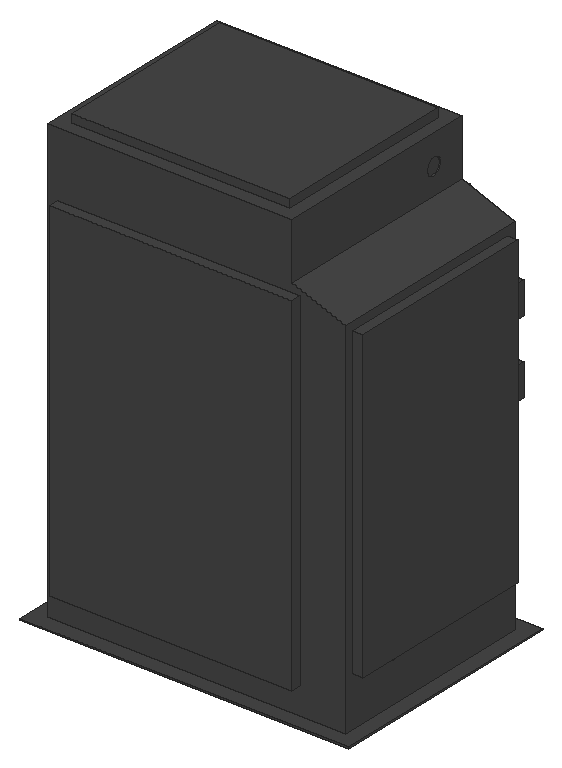
Revit family "SP4250W_EUR_REVIT", category Mechanical Equipment, Revit 2014
Parameters (values of type "Standard")
  d240 = 0' - 0"
  d231 = 0' - 0.118"
  d229 = 2' - 2.062"
  d227 = 0' - 0 1/4"
  d225 = 0' - 0 1/4"
  d223 = 0' - 0 1/4"
  d221 = 0' - 1.287"
  d219 = 0' - 0 1/4"
  d217 = 0' - 0 1/4"
  d215 = 0' - 0 1/4"
  d213 = 0' - 0 1/4"
  d211 = 0' - 0 1/4"
  d209 = 0' - 0 1/4"
  d207 = 0' - 0 1/4"
  d205 = 0' - 0 1/4"
  d203 = 0' - 0 1/4"
  d201 = 0' - 0 1/4"
  d199 = 0' - 0 1/4"
  d197 = 0' - 1.284"
  d195 = 0' - 1.285"
  d193 = 0' - 0 1/4"
  d191 = 0' - 1.039"
  URL = "www.neptronic.com"
  Part Number = "SP4250 W_REVIT"
  Model = "SKE90-W, SKE100-W, SKE110-W, SKE120-W"
  Manufacturer = "Neptronic"
  Designer = "Antoine"
  Design Status = 1
  Description = "Electric Resistive Humidifier Weather proof"
  Date Created = "2014-06-27 08:43:47"
  Connector_9_Diameter = 0' - 0"
  Connector_8_Diameter = 0' - 0"
  Connector_7_Diameter = 0' - 0"
  Connector_6_Diameter = 0' - 0"
  Connector_5_Diameter = 0' - 0"
  Connector_4_Diameter = 0' - 0"
  Connector_3_Diameter = 0' - 0"
  Connector_2_Diameter = 0' - 0"
  Connector_1_Diameter = 0' - 0"
  Connector_11_Diameter = 0' - 0"
  Connector_10_Diameter = 0' - 0"
  Author = "Antoine"
Reference planes (in)
  plane 1 "Center (Front/Back)": y = 0
  plane 2: z = 0
  plane 3 "Center (Left/Right)": x = 0
  plane 4: z = -50
  plane 5: z = -49.882
  plane 6: y = -0.061
  plane 7: y = 26.001
  plane 8: x = -15.061
  plane 9: x = -14.811
  plane 10: x = -15.061
  plane 11: x = -14.811
  plane 12: x = -15.061
  plane 13: x = -14.811
  plane 14: y = 26.001
  plane 15: y = 27.288
  plane 16: y = 26.001
  plane 17: y = 25.751
  plane 18: y = 26.001
  plane 19: y = 25.751
  plane 20: y = 26.001
  plane 21: y = 25.751
  plane 22: z = -50
  plane 23: z = -49.75
  plane 24: z = -50
  plane 25: z = -49.75
  plane 26: z = -50
  plane 27: z = -49.75
  plane 28: z = -50
  plane 29: z = -49.75
  plane 30: z = -50
  plane 31: z = -49.75
  plane 32: z = -50
  plane 33: z = -49.75
  plane 34: x = 21.631
  plane 35: x = 21.381
  plane 36: x = 21.631
  plane 37: x = 21.381
  plane 38: y = -0.064
  plane 39: y = -1.348
  plane 40: x = 21.631
  plane 41: x = 22.916
  plane 42: x = 15.06022
  plane 43: x = 14.81022
  plane 44: z = 4.5
  plane 45: z = 5.539
Forms (in)
  Extrusion 1, solid
    sketch origin (0, 0, -50) x (-1, 0, 0) y (0, -1, 0)
      loop
        line (-23.51, -27.882) -> (16.943, -27.882) -> (16.943, 1.943) -> (-23.51, 1.943) -> (-23.51, -27.882)
    from 0 to 0.118
  Extrusion 2, solid
    sketch origin (0, -0.061, 0) x (-1, 0, 0) y (0, 0, -1)
      loop
        line (-15.06022, 2.45729) -> (-15.06022, -4.5) -> (15.061, -4.5) -> (15.061, 49.882) -> (-21.631, 49.882) -> (-21.631, 4.84886) -> (-15.06022, 2.45729)
    from 0 to -26.062
  Extrusion 3, void
    sketch origin (-15.061, 0, 0) x (0, -1, 0) y (0, 0, 1)
      loop
        circle (-21.72609, 0.8315) r 1.0625
    from 0 to -0.25
  Extrusion 4, void
    sketch origin (-15.061, 0, 0) x (0, -1, 0) y (0, 0, 1)
      loop
        circle (-7.439, -44.25) r 0.375
    from 0 to -0.25
  Extrusion 5, void
    sketch origin (-15.061, 0, 0) x (0, -1, 0) y (0, 0, 1)
      loop
        circle (-14.989, -44.25) r 0.25
    from 0 to -0.25
  Extrusion 6, solid
    sketch origin (0, 26.001, 0) x (-1, 0, 0) y (0, 0, 1)
      loop
        line (-15.01411, -46.51111) -> (14.07551, -46.51111) -> (14.07551, -3.48589) -> (-15.01411, -3.48589) -> (-15.01411, -46.51111)
    from 0 to 1.287
  Extrusion 7, void
    sketch origin (0, 26.001, 0) x (-1, 0, 0) y (0, 0, 1)
      loop
        circle (-18.482, -30.97305) r 0.4375
    from 0 to -0.25
  Extrusion 8, void
    sketch origin (0, 26.001, 0) x (-1, 0, 0) y (0, 0, 1)
      loop
        circle (-18.482, -27.97305) r 0.4375
    from 0 to -0.25
  Extrusion 9, void
    sketch origin (0, 26.001, 0) x (-1, 0, 0) y (0, 0, 1)
      loop
        circle (-18.475, -39.65207) r 1.0625
    from 0 to -0.25
  Extrusion 10, void
    sketch origin (0, 0, -50) x (-1, 0, 0) y (0, -1, 0)
      loop
        circle (0, -12.9685) r 0.25
    from 0 to 0.25
  Extrusion 11, void
    sketch origin (0, 0, -50) x (-1, 0, 0) y (0, -1, 0)
      loop
        circle (12.312, -6.299) r 0.375
    from 0 to 0.25
  Extrusion 12, void
    sketch origin (0, 0, -50) x (-1, 0, 0) y (0, -1, 0)
      loop
        circle (12.42, -16.939) r 0.25
    from 0 to 0.25
  Extrusion 13, void
    sketch origin (0, 0, -50) x (-1, 0, 0) y (0, -1, 0)
      loop
        circle (-12.375, -21.72609) r 1.0625
    from 0 to 0.25
  Extrusion 14, void
    sketch origin (0, 0, -50) x (-1, 0, 0) y (0, -1, 0)
      loop
        circle (-18.298, -22.90775) r 0.4375
    from 0 to 0.25
  Extrusion 15, void
    sketch origin (0, 0, -50) x (-1, 0, 0) y (0, -1, 0)
      loop
        circle (-18.298, -19.90775) r 0.4375
    from 0 to 0.25
  Extrusion 16, void
    sketch origin (21.631, 0, 0) x (0, -1, 0) y (0, 0, -1)
      loop
        circle (-7.45808, 44.74492) r 0.375
    from 0 to -0.25
  Extrusion 17, void
    sketch origin (21.631, 0, 0) x (0, -1, 0) y (0, 0, -1)
      loop
        circle (-15.00808, 44.74492) r 0.25
    from 0 to -0.25
  Extrusion 18, solid
    sketch origin (0, -0.064, 0) x (-1, 0, 0) y (0, 0, -1)
      loop
        line (-16.01411, 3.48589) -> (13.8322, 3.48589) -> (13.8322, 46.51111) -> (-16.01411, 46.51111) -> (-16.01411, 3.48589)
    from 0 to 1.284
  Extrusion 19, solid
    sketch origin (21.631, 0, 0) x (0, -1, 0) y (0, 0, -1)
      loop
        line (-0.92489, 43.63787) -> (-24.7712, 43.63787) -> (-24.7712, 5.84466) -> (-0.92489, 5.84466) -> (-0.92489, 43.63787)
    from 0 to 1.285
  Extrusion 20, void
    sketch origin (15.06022, 0, 0) x (0, -1, 0) y (0, 0, 1)
      loop
        circle (-21.72609, 0.8315) r 1.0625
    from 0 to 0.25
  Extrusion 21, solid
    sketch origin (0, 0, 4.5) x (0, 1, 0) y (1, 0, 0)
      loop
        line (24.394, 13.42222) -> (1.546, 13.42222) -> (1.546, -13.423) -> (24.394, -13.423) -> (24.394, 13.42222)
    from 0 to -1.039
  Extrusion 22, solid
    sketch origin (15.06022, 26.001, -2.45729) x (0.939693, 0, -0.34202) y (-0.34202, 0, -0.939693)
      loop
        line (6.22293, 12.06758) -> (4.87195, 8.35579) -> (9.31199, 6.73975) -> (10.66297, 10.45154) -> (6.22293, 12.06758)
      loop
        line (12.39017, 15.19698) -> (13.74115, 18.90877) -> (9.30111, 20.52481) -> (7.95013, 16.81303) -> (12.39017, 15.19698)
    from 0 to 1.45
Cuts and joins
  Extrusion 3, Extrusion 4, Extrusion 5, Extrusion 7, Extrusion 8, Extrusion 9, Extrusion 10, Extrusion 11, Extrusion 12, Extrusion 13, Extrusion 14, Extrusion 15, Extrusion 16, Extrusion 17, Extrusion 20 cuts Extrusion 1
  Extrusion 3, Extrusion 4, Extrusion 5, Extrusion 7, Extrusion 8, Extrusion 9, Extrusion 10, Extrusion 11, Extrusion 12, Extrusion 13, Extrusion 14, Extrusion 15, Extrusion 16, Extrusion 17, Extrusion 20 cuts Extrusion 2
  Extrusion 7, Extrusion 8, Extrusion 9, Extrusion 10, Extrusion 11, Extrusion 12, Extrusion 13, Extrusion 14, Extrusion 15, Extrusion 16, Extrusion 17, Extrusion 20 cuts Extrusion 6
  Extrusion 20 cuts Extrusion 18
  Extrusion 20 cuts Extrusion 19
  joined: Extrusion 1, Extrusion 2, Extrusion 6, Extrusion 18, Extrusion 19, Extrusion 21, Extrusion 22
Lines and regions (in)
  reference lines
    curve 1: line (23.51, 27.882, -50) -> (-16.943, 27.882, -50)
    curve 2: line (-16.943, 27.882, -50) -> (-16.943, -1.943, -50)
    curve 3: line (-16.943, -1.943, -50) -> (23.51, -1.943, -50)
    curve 4: line (23.51, -1.943, -50) -> (23.51, 27.882, -50)
    curve 5: line (15.06022, -0.061, -2.45729) -> (21.631, -0.061, -4.84886)
    curve 6: line (21.631, -0.061, -49.882) -> (21.631, -0.061, -4.84886)
    curve 7: line (-15.061, -0.061, -49.882) -> (21.631, -0.061, -49.882)
    curve 8: line (-15.061, -0.061, -49.882) -> (-15.061, -0.061, 4.5)
    curve 9: line (15.06022, -0.061, 4.5) -> (-15.061, -0.061, 4.5)
    curve 10: line (15.06022, -0.061, 4.5) -> (15.06022, -0.061, -2.45729)
    curve 11: circle (-15.061, 21.72609, 0.8315) r 1.0625 normal (-1, 0, 0)
    curve 12: circle (-15.061, 7.439, -44.25) r 0.375 normal (-1, 0, 0)
    curve 13: circle (-15.061, 14.989, -44.25) r 0.25 normal (-1, 0, 0)
    curve 14: line (15.01411, 26.001, -46.51111) -> (15.01411, 26.001, -3.48589)
    curve 15: line (15.01411, 26.001, -3.48589) -> (-14.07551, 26.001, -3.48589)
    curve 16: line (-14.07551, 26.001, -3.48589) -> (-14.07551, 26.001, -46.51111)
    curve 17: line (-14.07551, 26.001, -46.51111) -> (15.01411, 26.001, -46.51111)
    curve 18: circle (18.482, 26.001, -30.97305) r 0.4375 normal (0, 1, 0)
    curve 19: circle (18.482, 26.001, -27.97305) r 0.4375 normal (0, 1, 0)
    curve 20: circle (18.475, 26.001, -39.65207) r 1.0625 normal (0, 1, 0)
    curve 21: circle (0, 12.9685, -50) r 0.25 normal (0, 0, 1)
    curve 22: circle (-12.312, 6.299, -50) r 0.375 normal (0, 0, 1)
    curve 23: circle (-12.42, 16.939, -50) r 0.25 normal (0, 0, 1)
    curve 24: circle (12.375, 21.72609, -50) r 1.0625 normal (0, 0, 1)
    curve 25: circle (18.298, 22.90775, -50) r 0.4375 normal (0, 0, 1)
    curve 26: circle (18.298, 19.90775, -50) r 0.4375 normal (0, 0, 1)
    curve 27: circle (21.631, 7.45808, -44.74492) r 0.375 normal (1, 0, 0)
    curve 28: circle (21.631, 15.00808, -44.74492) r 0.25 normal (1, 0, 0)
    curve 29: line (16.01411, -0.064, -3.48589) -> (-13.8322, -0.064, -3.48589)
    curve 30: line (-13.8322, -0.064, -3.48589) -> (-13.8322, -0.064, -46.51111)
    curve 31: line (-13.8322, -0.064, -46.51111) -> (16.01411, -0.064, -46.51111)
    curve 32: line (16.01411, -0.064, -46.51111) -> (16.01411, -0.064, -3.48589)
    curve 33: line (21.631, 0.92489, -43.63787) -> (21.631, 0.92489, -5.84466)
    curve 34: line (21.631, 0.92489, -5.84466) -> (21.631, 24.7712, -5.84466)
    curve 35: line (21.631, 24.7712, -5.84466) -> (21.631, 24.7712, -43.63787)
    curve 36: line (21.631, 24.7712, -43.63787) -> (21.631, 0.92489, -43.63787)
    curve 37: circle (15.06022, 21.72609, 0.8315) r 1.0625 normal (-1, 0, 0)
    curve 38: line (13.42222, 24.394, 4.5) -> (13.42222, 1.546, 4.5)
    curve 39: line (13.42222, 1.546, 4.5) -> (-13.423, 1.546, 4.5)
    curve 40: line (-13.423, 1.546, 4.5) -> (-13.423, 24.394, 4.5)
    curve 41: line (-13.423, 24.394, 4.5) -> (13.42222, 24.394, 4.5)
    curve 42: line (16.7805, 26.001, -15.92547) -> (21.5055, 26.001, -15.92547)
    curve 43: line (21.5055, 26.001, -15.92547) -> (21.5055, 26.001, -11.97547)
    curve 44: line (21.5055, 26.001, -11.97547) -> (16.7805, 26.001, -11.97547)
    curve 45: line (16.7805, 26.001, -11.97547) -> (16.7805, 26.001, -15.92547)
    curve 46: line (21.5055, 26.001, -20.97547) -> (16.7805, 26.001, -20.97547)
    curve 47: line (16.7805, 26.001, -20.97547) -> (16.7805, 26.001, -24.92547)
    curve 48: line (16.7805, 26.001, -24.92547) -> (21.5055, 26.001, -24.92547)
    curve 49: line (21.5055, 26.001, -24.92547) -> (21.5055, 26.001, -20.97547)
Dimensions and locks (in)
  "d231": plane 4 to plane 5
  "d229": plane 7 to plane 6
  "d227": plane 9 to plane 8
  "d225": plane 11 to plane 10
  "d223": plane 13 to plane 12
  "d221": plane 14 to plane 15
  "d219": plane 17 to plane 16
  "d217": plane 19 to plane 18
  "d215": plane 21 to plane 20
  "d213": plane 22 to plane 23
  "d211": plane 24 to plane 25
  "d209": plane 26 to plane 27
  "d207": plane 28 to plane 29
  "d205": plane 30 to plane 31
  "d203": plane 32 to plane 33
  "d201": plane 35 to plane 34
  "d199": plane 37 to plane 36
  "d197": plane 38 to plane 39
  "d195": plane 40 to plane 41
  "d193": plane 42 to plane 43
  "d191": plane 45 to plane 44
  aligned and locked: plane 2 to level
  aligned and locked: Extrusion 1 to plane 5
  aligned and locked: Extrusion 1 to plane 4
  aligned and locked: Extrusion 1 sketch curve to curve 1
  aligned and locked: Extrusion 1 sketch curve to curve 2
  aligned and locked: Extrusion 1 sketch curve to curve 3
  aligned and locked: Extrusion 1 sketch curve to curve 4
  aligned and locked: Extrusion 2 to plane 7
  aligned and locked: Extrusion 2 to plane 6
  aligned and locked: Extrusion 2 sketch curve to curve 5
  aligned and locked: Extrusion 2 sketch curve to curve 6
  aligned and locked: Extrusion 2 sketch curve to curve 7
  aligned and locked: Extrusion 2 sketch curve to curve 8
  aligned and locked: Extrusion 2 sketch curve to curve 9
  aligned and locked: Extrusion 2 sketch curve to curve 10
  aligned and locked: Extrusion 3 to plane 9
  aligned and locked: plane 8 to Extrusion 3
  aligned and locked: Extrusion 3 sketch curve to curve 11  (x2)
  aligned and locked: Extrusion 4 to plane 11
  aligned and locked: plane 10 to Extrusion 4
  aligned and locked: Extrusion 4 sketch curve to curve 12  (x2)
  aligned and locked: Extrusion 5 to plane 13
  aligned and locked: plane 12 to Extrusion 5
  aligned and locked: Extrusion 5 sketch curve to curve 13  (x2)
  aligned and locked: plane 15 to Extrusion 6
  aligned and locked: Extrusion 6 to plane 14
  aligned and locked: Extrusion 6 sketch curve to curve 14
  aligned and locked: Extrusion 6 sketch curve to curve 15
  aligned and locked: Extrusion 6 sketch curve to curve 16
  aligned and locked: Extrusion 6 sketch curve to curve 17
  aligned and locked: Extrusion 7 to plane 17
  aligned and locked: plane 16 to Extrusion 7
  aligned and locked: Extrusion 7 sketch curve to curve 18  (x2)
  aligned and locked: Extrusion 8 to plane 19
  aligned and locked: plane 18 to Extrusion 8
  aligned and locked: Extrusion 8 sketch curve to curve 19  (x2)
  aligned and locked: Extrusion 9 to plane 21
  aligned and locked: plane 20 to Extrusion 9
  aligned and locked: Extrusion 9 sketch curve to curve 20  (x2)
  aligned and locked: Extrusion 10 to plane 23
  aligned and locked: plane 22 to Extrusion 10
  aligned and locked: Extrusion 10 sketch curve to curve 21  (x2)
  aligned and locked: Extrusion 11 to plane 25
  aligned and locked: plane 24 to Extrusion 11
  aligned and locked: Extrusion 11 sketch curve to curve 22  (x2)
  aligned and locked: Extrusion 12 to plane 27
  aligned and locked: plane 26 to Extrusion 12
  aligned and locked: Extrusion 12 sketch curve to curve 23  (x2)
  aligned and locked: Extrusion 13 to plane 29
  aligned and locked: Extrusion 13 to plane 28
  aligned and locked: Extrusion 13 sketch curve to curve 24  (x2)
  aligned and locked: Extrusion 14 to plane 31
  aligned and locked: Extrusion 14 to plane 30
  aligned and locked: Extrusion 14 sketch curve to curve 25  (x2)
  aligned and locked: Extrusion 15 to plane 33
  aligned and locked: Extrusion 15 to plane 32
  aligned and locked: Extrusion 15 sketch curve to curve 26  (x2)
  aligned and locked: Extrusion 16 to plane 35
  aligned and locked: plane 34 to Extrusion 16
  aligned and locked: Extrusion 16 sketch curve to curve 27  (x2)
  aligned and locked: Extrusion 17 to plane 37
  aligned and locked: plane 36 to Extrusion 17
  aligned and locked: Extrusion 17 sketch curve to curve 28  (x2)
  aligned and locked: Extrusion 18 to plane 39
  aligned and locked: Extrusion 18 to plane 38
  aligned and locked: Extrusion 18 sketch curve to curve 29
  aligned and locked: Extrusion 18 sketch curve to curve 30
  aligned and locked: Extrusion 18 sketch curve to curve 31
  aligned and locked: Extrusion 18 sketch curve to curve 32
  aligned and locked: plane 41 to Extrusion 19
  aligned and locked: Extrusion 19 to plane 40
  aligned and locked: Extrusion 19 sketch curve to curve 33
  aligned and locked: Extrusion 19 sketch curve to curve 34
  aligned and locked: Extrusion 19 sketch curve to curve 35
  aligned and locked: Extrusion 19 sketch curve to curve 36
  aligned and locked: Extrusion 20 to plane 43
  aligned and locked: Extrusion 20 to plane 42
  aligned and locked: Extrusion 20 sketch curve to curve 37  (x2)
  aligned and locked: Extrusion 21 to plane 45
  aligned and locked: plane 44 to Extrusion 21
  aligned and locked: Extrusion 21 sketch curve to curve 38
  aligned and locked: Extrusion 21 sketch curve to curve 39
  aligned and locked: Extrusion 21 sketch curve to curve 40
  aligned and locked: Extrusion 21 sketch curve to curve 41
  aligned and locked: Extrusion 22 sketch curve to curve 42
  aligned and locked: Extrusion 22 sketch curve to curve 43
  aligned and locked: Extrusion 22 sketch curve to curve 44
  aligned and locked: Extrusion 22 sketch curve to curve 45
  aligned and locked: Extrusion 22 sketch curve to curve 46
  aligned and locked: Extrusion 22 sketch curve to curve 47
  aligned and locked: Extrusion 22 sketch curve to curve 48
  aligned and locked: Extrusion 22 sketch curve to curve 49
Connectors (in)
  hvac at (15.06022, 21.72609, 0.8315), driven by "Connector_1_Diameter"
    settings: on cut or joined group 1 (Extrusion 1, Extrusion 2, Extrusion 3, Extrusion 4, Extrusion 5, Extrusion 6, Extrusion 7, Extrusion 8, Extrusion 9, Extrusion 10, Extrusion 11, Extrusion 12, Extrusion 13, Extrusion 14, Extrusion 15, Extrusion 16, Extrusion 17, Extrusion 18, Extrusion 19, Extrusion 20, Extrusion 21, Extrusion 22), index 1, duct flow 0 CFM, flow factor 0, pres drop 0.00 in-wg, loss coef 0, conn angle 0.00°, conn width 12", conn height 12", conn diameter 0", duct sys type 1, conn prof type 0, flow config 1, flow direction 2, loss method 0, conn ref index -1, conn util no, is conn primary yes, conn desc "Steam Outlet 2 1/8\" (STD)"
  hvac at (-15.061, 21.72609, 0.8315), driven by "Connector_2_Diameter"
    settings: on cut or joined group 1, index 2, duct flow 0 CFM, flow factor 0, pres drop 0.00 in-wg, loss coef 0, conn angle 0.00°, conn width 12", conn height 12", conn diameter 0", duct sys type 1, conn prof type 0, flow config 1, flow direction 2, loss method 0, conn ref index -1, conn util no, is conn primary no, conn desc "Steam Outlet 2 1/8\" (Option)"
  hvac at (18.475, 26.001, -39.65207), driven by "Connector_3_Diameter"
    settings: on cut or joined group 1, index 3, duct flow 0 CFM, flow factor 0, pres drop 0.00 in-wg, loss coef 0, conn angle 0.00°, conn width 12", conn height 12", conn diameter 0", duct sys type 1, conn prof type 0, flow config 1, flow direction 2, loss method 0, conn ref index -1, conn util no, is conn primary no, conn desc "Steam Outlet 2 1/8\" (Option)"
  hvac at (12.375, 21.72609, -50), driven by "Connector_4_Diameter"
    settings: on cut or joined group 1, index 4, duct flow 0 CFM, flow factor 0, pres drop 0.00 in-wg, loss coef 0, conn angle 0.00°, conn width 12", conn height 12", conn diameter 0", duct sys type 1, conn prof type 0, flow config 1, flow direction 2, loss method 0, conn ref index -1, conn util no, is conn primary no, conn desc "Steam Outlet 2 1/8\" (Roofcurb Option)"
  piping at (-15.061, 14.989, -44.25), driven by "Connector_5_Diameter"
    settings: on cut or joined group 1, index 5, connector diameter 0", connector inside diameter 24", connector length 0' - 0", flow factor 0, pipe flow 0 GPM, pressure drop 0.00 psi, fitting loss kfactor 0, connector angle 0.00°, fixture units 0, engagement length 0' - 0", angle of deflection 0.00°, flow configuration 1, flow direction 1, fitting loss method 0, system type 20, joint type 0, gender type 0, connector reference index -1, connector utility 0, adjustable connector no, is connector primary yes, connector description "Water Inlet 1/2\" Male NPT (Option)"
  piping at (-12.42, 16.939, -50), driven by "Connector_6_Diameter"
    settings: on cut or joined group 1, index 6, connector diameter 0", connector inside diameter 24", connector length 0' - 0", flow factor 0, pipe flow 0 GPM, pressure drop 0.00 psi, fitting loss kfactor 0, connector angle 0.00°, fixture units 0, engagement length 0' - 0", angle of deflection 0.00°, flow configuration 1, flow direction 1, fitting loss method 0, system type 20, joint type 0, gender type 0, connector reference index -1, connector utility 0, adjustable connector no, is connector primary no, connector description "Water Inlet 1/2\" Male NPT (Roofcurb Option)"
  piping at (-15.061, 7.439, -44.25), driven by "Connector_7_Diameter"
    settings: on cut or joined group 1, index 7, connector diameter 0", connector inside diameter 24", connector length 0' - 0", flow factor 0, pipe flow 0 GPM, pressure drop 0.00 psi, fitting loss kfactor 0, connector angle 0.00°, fixture units 0, engagement length 0' - 0", angle of deflection 0.00°, flow configuration 1, flow direction 2, fitting loss method 0, system type 16, joint type 0, gender type 0, connector reference index -1, connector utility 0, adjustable connector no, is connector primary no, connector description "Main drain 3/4\" (Option)"
  piping at (-12.312, 6.299, -50), driven by "Connector_8_Diameter"
    settings: on cut or joined group 1, index 8, connector diameter 0", connector inside diameter 24", connector length 0' - 0", flow factor 0, pipe flow 0 GPM, pressure drop 0.00 psi, fitting loss kfactor 0, connector angle 0.00°, fixture units 0, engagement length 0' - 0", angle of deflection 0.00°, flow configuration 1, flow direction 2, fitting loss method 0, system type 16, joint type 0, gender type 0, connector reference index -1, connector utility 0, adjustable connector no, is connector primary no, connector description "Main drain 3/4\" (Roofcurb Option)"
  piping at (0, 12.9685, -50), driven by "Connector_9_Diameter"
    settings: on cut or joined group 1, index 9, connector diameter 0", connector inside diameter 24", connector length 0' - 0", flow factor 0, pipe flow 0 GPM, pressure drop 0.00 psi, fitting loss kfactor 0, connector angle 0.00°, fixture units 0, engagement length 0' - 0", angle of deflection 0.00°, flow configuration 1, flow direction 2, fitting loss method 0, system type 16, joint type 0, gender type 0, connector reference index -1, connector utility 0, adjustable connector no, is connector primary no, connector description "Pan drip drain outlet 1/2\""
  piping at (21.631, 7.45808, -44.74492), driven by "Connector_10_Diameter"
    settings: on cut or joined group 1, index 10, connector diameter 0", connector inside diameter 24", connector length 0' - 0", flow factor 0, pipe flow 0 GPM, pressure drop 0.00 psi, fitting loss kfactor 0, connector angle 0.00°, fixture units 0, engagement length 0' - 0", angle of deflection 0.00°, flow configuration 1, flow direction 2, fitting loss method 0, system type 16, joint type 0, gender type 0, connector reference index -1, connector utility 0, adjustable connector no, is connector primary no, connector description "Main drain 3/4\" (STD)"
  piping at (21.631, 15.00808, -44.74492), driven by "Connector_11_Diameter"
    settings: on cut or joined group 1, index 11, connector diameter 0", connector inside diameter 24", connector length 0' - 0", flow factor 0, pipe flow 0 GPM, pressure drop 0.00 psi, fitting loss kfactor 0, connector angle 0.00°, fixture units 0, engagement length 0' - 0", angle of deflection 0.00°, flow configuration 1, flow direction 1, fitting loss method 0, system type 20, joint type 0, gender type 0, connector reference index -1, connector utility 0, adjustable connector no, is connector primary no, connector description "Water Inlet 1/2\" Male NPT (STD)"
  electrical at (18.482, 26.001, -30.97305)
    settings: on cut or joined group 1, index 12, voltage 0 V, apparent load 0 VA, apparent load phase1 0 VA, apparent load phase2 0 VA, apparent load phase3 0 VA, power factor 1, load classification "Other", number of poles 1, system type 13, power factor state 1, is connector primary yes, connector utility no, sub classification motor no, connector description "Low Voltage Control Inlet 7/8 (KO) (STD)"
  electrical at (18.298, 22.90775, -50)
    settings: on cut or joined group 1, index 13, voltage 0 V, apparent load 0 VA, apparent load phase1 0 VA, apparent load phase2 0 VA, apparent load phase3 0 VA, power factor 1, load classification "Other", number of poles 1, system type 13, power factor state 1, is connector primary no, connector utility no, sub classification motor no, connector description "Low Voltage Control Inlet 7/8\" (KO) (Roofcurb option)"
  electrical at (18.482, 26.001, -27.97305)
    settings: on cut or joined group 1, index 14, voltage 0 V, apparent load 0 VA, apparent load phase1 0 VA, apparent load phase2 0 VA, apparent load phase3 0 VA, power factor 0, load classification "Other", number of poles 1, system type 30, power factor state 1, is connector primary no, connector utility no, sub classification motor no, connector description "Power Supply inlet 7/8\" (KO) (STD)"
  electrical at (18.298, 19.90775, -50)
    settings: on cut or joined group 1, index 15, voltage 0 V, apparent load 0 VA, apparent load phase1 0 VA, apparent load phase2 0 VA, apparent load phase3 0 VA, power factor 0, load classification "Other", number of poles 1, system type 30, power factor state 1, is connector primary no, connector utility no, sub classification motor no, connector description "Power Supply inlet 7/8\" (KO) (Roofcurb Option)"
